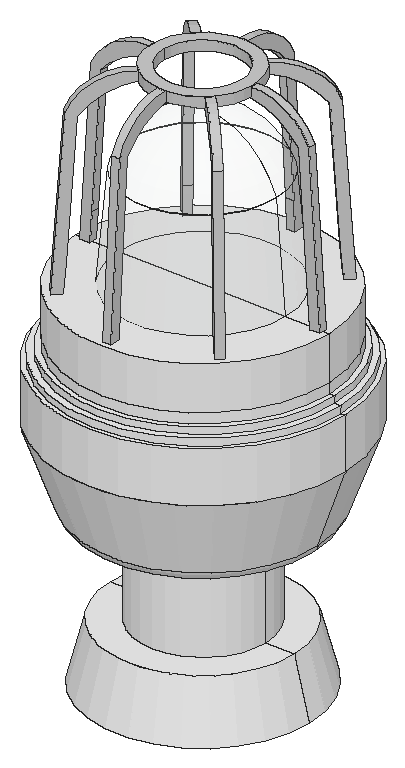
Revit family "HLEMLC", category Lighting Fixtures, host Face, Revit 2014
Parameters
  Wattage Comments = "45 Watts"  # constant formula
  Wattage = 112 W
  Watt = 45 W  # constant formula
  Warranty = "5 Year Warranty"
  built-in parameter 1150110 = 1 (stored number, unit not read)
  Voltage = 120 V
  URL = "https://www.hubbell.com/hubbellindustriallighting/en/"
  built-in parameter 1114217 = 1 (stored number, unit not read)
  Tilt Angle = -90.00°
  built-in parameter 1150109 = 1 (stored number, unit not read)
  built-in parameter 1150134 = 2
  built-in parameter 1150113 = 1 (stored number, unit not read)
  Product Page URL = "https://www.hubbell.com/hubbellindustriallighting/en/Products/Lighting-Controls/Harsh-Hazardous-Lighting/High-Bay---Low-Bay---Well-Glass/HLEML/p/248886"
  Product Documentation Link = "https://hubbellcdn.com/specsheet/hleml_specification_sheet.pdf"
  Power Factor = 1
  Photometric Web File = "Generic.ies"
  Model = "HLEMLC"  # constant formula
  Material Finish = Paint - Hubbell - White Texture
  Manufacturer = "Hubbell Industrial Lighting"  # constant formula
  built-in parameter 1150105 = 811.05 (stored number, unit not read)
  Lumens = 10192 lm
  built-in parameter 1150115 = 1 (stored number, unit not read)
  Load Classification = Lighting
  built-in parameter 1150137 = (empty or 0)
  built-in parameter 1150139 = (empty or 0)
  built-in parameter 1150112 = 1 (stored number, unit not read)
  built-in parameter 1150114 = 1 (stored number, unit not read)
  Lamp = "24 High Performanc LEDs"
  built-in parameter 1150132 = (empty or 0)
  built-in parameter 1150102 = (empty or 0)
  built-in parameter 1150107 = 5000 (stored number, unit not read)
  built-in parameter 1150138 = (empty or 0)
  built-in parameter 1150106 = 8.1105 (stored number, unit not read)
  Glass = Hubbell - Glass
  Features = "Class 1, Division 1 LED Explosion Proof\r\n\r\nSpecialized thermal management allows up to 55°C ambient\r\n120v to 277v universal voltage drivers\r\nOperating temperature range: -40°C to 55°C\r\n50,000 hours to 70% initial lumens\r\n5000˚K color temperature - crisp white light\r\nFactory sealed"  # constant formula
  Fastners = Paint - Hubbell - Light Silver
  Emit from Circle Diameter = 4.000"
  Emit Shape Visible in Rendering = no
  built-in parameter 1150104 = 8.4542 (stored number, unit not read)
  Dimming Lamp Color Temperature Shift = <None>
  Description = "The HLEML is designed to light classified areas such as paint manufacturing plants, ammunition facilities, oil and gas producing and refining plants, off-shore and dock side installations, tank farms, pipeline pumping stations and marine loading and fuel transfer terminals"  # constant formula
  Default Elevation = 48.000"
  Contact us = "https://www.hubbell.com/hubbellindustriallighting/en/contactUs?productId=248886"
  Color Filter = 16777215
  Certification = "CSA Listed to UL844\r\n• CSA Listed to UL1598 Wet Location\r\n• Wet Location listed up to 90 degrees\r\n• Damp location listed at greater than 90 degrees mounting angle\r\n• Class I, Division 2, Groups A, B, C & D\r\n• IP66 with factory installed ENCG option"  # constant formula
  CRI = "70 CRI"
  built-in parameter 1114218 = 1 (stored number, unit not read)
  built-in parameter 1150133 = 10 (stored number, unit not read)
  Applications = "Industrial, Food Processing, Heavy Industry, Marine, Petroleum, Chemical/Plastic, Cleanroom, Paper/Textile, Iron/Steel "  # constant formula
  Apparent Load = Watt / Power Factor  # 45 VA
Reference planes (in)
  plane 1 "Center (Front/Back)": y = 0
  plane 2: z = 0
  plane 3 "Center (Left/Right)": x = 0
  plane 4: y = 1
  plane 5: y = -1
  plane 6: x = -3.719
  plane 7: x = 3.719
  plane 8: z = 14.3125
Forms (in)
  Revolve 1, solid, material "Paint - Hubbell - White Texture" <- "Material Finish"
    sketch origin (0, 0, 0) x (1, 0, 0) y (0, 0, 1)
      loop
        line (0, 0) -> (2.75, 0) -> (2.36177, 1.44889) -> (1.61177, 1.44889) -> (1.61177, 3.41284)
        arc (1.61177, 3.41284) -> (1.65514, 3.54061) -> (1.76733, 3.61557) r 0.20988
        line (1.76733, 3.61557) -> (2.63794, 3.84885)
        arc (2.63794, 3.84885) -> (2.82994, 3.95419) -> (2.95162, 4.13628) r 0.4607
        line (2.95162, 4.13628) -> (3.6565, 6.07293) -> (3.6565, 7.3808) -> (3.54247, 7.3808) -> (3.54247, 7.55715) -> (3.37865, 7.55715) -> (3.37865, 7.7232) -> (3.24045, 7.7232) -> (3.24045, 7.9732) -> (3.24045, 9.0982) -> (0, 9.0982) -> (0, 0)
      axis (0, 9.0982) -> (0, 0)
    angle from 0 to 360
  Revolve 2, solid, material "Hubbell - Glass" <- "Glass"
    sketch origin (0, 0, 0) x (1, 0, 0) y (0, 0, 1)
      loop
        line (0, 9.0982) -> (2.13677, 9.0982) -> (1.90583, 11.73778)
        arc (1.90583, 11.73778) -> (1.16835, 12.74332) -> (0, 13.17917) r 2.17704
        line (0, 13.17917) -> (0, 9.0982)
      axis (0, 13.17917) -> (0, 9.0982)
    angle from 0 to 360
  Extrusion 3, solid, material "Paint - Hubbell - Light Silver" <- "Fastners"
    sketch origin (0, 0, 0) x (1, 0, 0) y (0, 0, 1)
      loop
        line (2.53798, 13.15527) -> (2.77122, 9.81983) -> (2.82168, 9.0982) -> (3.06986, 9.0982) -> (2.78782, 13.24148)
        arc (2.78782, 13.24148) -> (2.19127, 13.91886) -> (1.31585, 14.13877) r 1.52067
        line (1.31585, 14.13877) -> (1.31585, 13.8896)
        arc (1.31585, 13.8896) -> (1.99794, 13.64063) -> (2.53798, 13.15527) r 1.91175
    from 0.1 to -0.09746
  Extrusion 4, solid, material "Paint - Hubbell - Light Silver" <- "Fastners"
    sketch origin (0, 0, 0) x (0.707107, -0.707107, 0) y (0, 0, 1)
      loop
        line (2.53798, 13.15527) -> (2.77122, 9.81983) -> (2.82168, 9.0982) -> (3.06986, 9.0982) -> (2.78782, 13.24148)
        arc (2.78782, 13.24148) -> (2.19127, 13.91886) -> (1.31585, 14.13877) r 1.52067
        line (1.31585, 14.13877) -> (1.31585, 13.8896)
        arc (1.31585, 13.8896) -> (1.99794, 13.64063) -> (2.53798, 13.15527) r 1.91175
    from 0.1 to -0.09746
  Extrusion 5, solid, material "Paint - Hubbell - Light Silver" <- "Fastners"
    sketch origin (0, 0, 0) x (0, -1, 0) y (0, 0, 1)
      loop
        line (2.53798, 13.15527) -> (2.77122, 9.81983) -> (2.82168, 9.0982) -> (3.06986, 9.0982) -> (2.78782, 13.24148)
        arc (2.78782, 13.24148) -> (2.19127, 13.91886) -> (1.31585, 14.13877) r 1.52067
        line (1.31585, 14.13877) -> (1.31585, 13.8896)
        arc (1.31585, 13.8896) -> (1.99794, 13.64063) -> (2.53798, 13.15527) r 1.91175
    from 0.1 to -0.09746
  Extrusion 6, solid, material "Paint - Hubbell - Light Silver" <- "Fastners"
    sketch origin (0, 0, 0) x (-0.707107, -0.707107, 0) y (0, 0, 1)
      loop
        line (2.53798, 13.15527) -> (2.77122, 9.81983) -> (2.82168, 9.0982) -> (3.06986, 9.0982) -> (2.78782, 13.24148)
        arc (2.78782, 13.24148) -> (2.19127, 13.91886) -> (1.31585, 14.13877) r 1.52067
        line (1.31585, 14.13877) -> (1.31585, 13.8896)
        arc (1.31585, 13.8896) -> (1.99794, 13.64063) -> (2.53798, 13.15527) r 1.91175
    from 0.1 to -0.09746
  Extrusion 7, solid, material "Paint - Hubbell - Light Silver" <- "Fastners"
    sketch origin (0, 0, 0) x (-1, 0, 0) y (0, 0, 1)
      loop
        line (2.53798, 13.15527) -> (2.77122, 9.81983) -> (2.82168, 9.0982) -> (3.06986, 9.0982) -> (2.78782, 13.24148)
        arc (2.78782, 13.24148) -> (2.19127, 13.91886) -> (1.31585, 14.13877) r 1.52067
        line (1.31585, 14.13877) -> (1.31585, 13.8896)
        arc (1.31585, 13.8896) -> (1.99794, 13.64063) -> (2.53798, 13.15527) r 1.91175
    from 0.1 to -0.09746
  Extrusion 8, solid, material "Paint - Hubbell - Light Silver" <- "Fastners"
    sketch origin (0, 0, 0) x (-0.707107, 0.707107, 0) y (0, 0, 1)
      loop
        line (2.53798, 13.15527) -> (2.77122, 9.81983) -> (2.82168, 9.0982) -> (3.06986, 9.0982) -> (2.78782, 13.24148)
        arc (2.78782, 13.24148) -> (2.19127, 13.91886) -> (1.31585, 14.13877) r 1.52067
        line (1.31585, 14.13877) -> (1.31585, 13.8896)
        arc (1.31585, 13.8896) -> (1.99794, 13.64063) -> (2.53798, 13.15527) r 1.91175
    from 0.1 to -0.09746
  Extrusion 9, solid, material "Paint - Hubbell - Light Silver" <- "Fastners"
    sketch origin (0, 0, 0) x (0, 1, 0) y (0, 0, 1)
      loop
        line (2.53798, 13.15527) -> (2.77122, 9.81983) -> (2.82168, 9.0982) -> (3.06986, 9.0982) -> (2.78782, 13.24148)
        arc (2.78782, 13.24148) -> (2.19127, 13.91886) -> (1.31585, 14.13877) r 1.52067
        line (1.31585, 14.13877) -> (1.31585, 13.8896)
        arc (1.31585, 13.8896) -> (1.99794, 13.64063) -> (2.53798, 13.15527) r 1.91175
    from 0.1 to -0.09746
  Extrusion 10, solid, material "Paint - Hubbell - Light Silver" <- "Fastners"
    sketch origin (0, 0, 0) x (0.707107, 0.707107, 0) y (0, 0, 1)
      loop
        line (2.53798, 13.15527) -> (2.77122, 9.81983) -> (2.82168, 9.0982) -> (3.06986, 9.0982) -> (2.78782, 13.24148)
        arc (2.78782, 13.24148) -> (2.19127, 13.91886) -> (1.31585, 14.13877) r 1.52067
        line (1.31585, 14.13877) -> (1.31585, 13.8896)
        arc (1.31585, 13.8896) -> (1.99794, 13.64063) -> (2.53798, 13.15527) r 1.91175
    from 0.1 to -0.09746
  Extrusion 11, solid, material "Paint - Hubbell - Light Silver" <- "Fastners"
    sketch origin (0, 0, 0) x (1, 0, 0) y (0, 1, 0)
      loop
        circle (0, 0) r 1.31585
      loop
        circle (0, 0) r 1
    from 14.13877 to 13.8896
Dimensions and locks (in)
  equal spacing: plane 4, plane 1 "Center (Front/Back)", plane 5
  locked: plane 4 to plane 5 at 2
  plane 7 to plane 6 = 7.438"
  plane 8 to plane 2 = 14.3125"
  aligned and locked: plane 2 to host face
  aligned and locked: level to host face
  aligned and locked: plane 3 "Center (Left/Right)" to imposter light
  aligned and locked: imposter light to plane 1 "Center (Front/Back)"
Automatic sketch dimensions
  host sketch curve to host sketch curve = 96.000"  (x2)
  Revolve 2 sketch curve to plane 3 "Center (Left/Right)" = 0.000"  (x2)
  Revolve 2 sketch curve to plane 3 "Center (Left/Right)" = 0.14487"
  Revolve 2 sketch curve to plane 8 = 3.30554"
  Revolve 2 sketch curve to plane 7 = 1.81317"
  Revolve 2 sketch curve to plane 7 = 1.58223"
  Revolve 2 sketch curve to Revolve 2 sketch curve = 1.90876"
  Revolve 2 sketch curve to Revolve 2 sketch curve = 3.02527"
  Revolve 2 sketch curve to Revolve 2 sketch curve = 2.63958"
  plane 8 to Revolve 2 sketch curve = 3.750"
  Revolve 1 sketch curve to plane 3 "Center (Left/Right)" = 0.000"  (x2)
  Revolve 1 sketch curve to level = 0.000"
  plane 3 "Center (Left/Right)" to Revolve 1 sketch curve = 1.61177"
  Revolve 1 sketch curve to Revolve 1 sketch curve = 0.15556"
  Revolve 1 sketch curve to Revolve 1 sketch curve = 0.20988"
  Revolve 1 sketch curve to Revolve 1 sketch curve = 0.750"
  Revolve 1 sketch curve to Revolve 1 sketch curve = 0.75137"
  Revolve 1 sketch curve to Revolve 1 sketch curve = 0.11924"
  Revolve 1 sketch curve to plane 7 = 0.969"
  Revolve 1 sketch curve to Revolve 1 sketch curve = 0.31368"
  Revolve 1 sketch curve to plane 7 = 0.47855"
  Revolve 1 sketch curve to Revolve 1 sketch curve = 0.1382"
  Revolve 1 sketch curve to Revolve 1 sketch curve = 0.16383"
  level to Revolve 1 sketch curve = 1.44889"
  Revolve 1 sketch curve to Revolve 1 sketch curve = 1.96395"
  Revolve 1 sketch curve to Revolve 1 sketch curve = 0.23328"
  Revolve 1 sketch curve to Revolve 1 sketch curve = 0.28743"
  Revolve 1 sketch curve to Revolve 1 sketch curve = 1.93665"
  Revolve 1 sketch curve to Revolve 1 sketch curve = 1.48422"
  Revolve 1 sketch curve to Revolve 1 sketch curve = 0.16605"
  Revolve 1 sketch curve to Revolve 1 sketch curve = 0.250"
  Revolve 1 sketch curve to Revolve 1 sketch curve = 1.125"
  Revolve 1 sketch curve to plane 7 = 0.0625"
  Revolve 1 sketch curve to level = 10.062"
  Revolve 1 sketch curve to Revolve 1 sketch curve = 0.17635"
  plane 8 to Revolve 1 sketch curve = 15.000"
  Extrusion 3 sketch curve to Extrusion 3 sketch curve = 0.38644"
  Extrusion 3 sketch curve to Extrusion 3 sketch curve = 0.05046"
  Extrusion 3 sketch curve to Extrusion 3 sketch curve = 0.24818"
  Extrusion 3 sketch curve to Extrusion 3 sketch curve = 0.61848"
  Extrusion 3 sketch curve to Extrusion 3 sketch curve = 0.72163"
  Extrusion 3 sketch curve to Extrusion 3 sketch curve = 0.24983"
  Extrusion 3 sketch curve to Extrusion 3 sketch curve = 0.24918"
  Extrusion 3 sketch curve to Extrusion 3 sketch curve = 2.1821"
  Extrusion 3 sketch curve to Extrusion 3 sketch curve = 0.0839"
  Extrusion 3 sketch curve to Extrusion 3 sketch curve = 1.13824"
  Extrusion 3 sketch curve to Extrusion 3 sketch curve = 1.75791"
  Extrusion 3 sketch curve to Extrusion 3 sketch curve = 0.53485"
  Extrusion 4 sketch curve to Extrusion 4 sketch curve = 0.38644"
  Extrusion 4 sketch curve to Extrusion 4 sketch curve = 0.05046"
  Extrusion 4 sketch curve to Extrusion 4 sketch curve = 0.24818"
  Extrusion 4 sketch curve to Extrusion 4 sketch curve = 0.61848"
  Extrusion 4 sketch curve to Extrusion 4 sketch curve = 0.72163"
  Extrusion 4 sketch curve to Extrusion 4 sketch curve = 0.24983"
  Extrusion 4 sketch curve to Extrusion 4 sketch curve = 0.24918"
  Extrusion 4 sketch curve to Extrusion 4 sketch curve = 2.1821"
  Extrusion 4 sketch curve to Extrusion 4 sketch curve = 0.0839"
  Extrusion 4 sketch curve to Extrusion 4 sketch curve = 1.13824"
  Extrusion 4 sketch curve to Extrusion 4 sketch curve = 1.75791"
  Extrusion 4 sketch curve to Extrusion 4 sketch curve = 0.53485"
  Extrusion 5 sketch curve to Extrusion 5 sketch curve = 0.38644"
  Extrusion 5 sketch curve to Extrusion 5 sketch curve = 0.05046"
  Extrusion 5 sketch curve to Extrusion 5 sketch curve = 0.24818"
  Extrusion 5 sketch curve to Extrusion 5 sketch curve = 0.61848"
  Extrusion 5 sketch curve to Extrusion 5 sketch curve = 0.72163"
  Extrusion 5 sketch curve to Extrusion 5 sketch curve = 0.24983"
  Extrusion 5 sketch curve to Extrusion 5 sketch curve = 0.24918"
  Extrusion 5 sketch curve to Extrusion 5 sketch curve = 2.1821"
  Extrusion 5 sketch curve to Extrusion 5 sketch curve = 0.0839"
  Extrusion 5 sketch curve to Extrusion 5 sketch curve = 1.13824"
  Extrusion 5 sketch curve to Extrusion 5 sketch curve = 1.75791"
  Extrusion 5 sketch curve to Extrusion 5 sketch curve = 0.53485"
  Extrusion 6 sketch curve to Extrusion 6 sketch curve = 0.38644"
  Extrusion 6 sketch curve to Extrusion 6 sketch curve = 0.05046"
  Extrusion 6 sketch curve to Extrusion 6 sketch curve = 0.24818"
  Extrusion 6 sketch curve to Extrusion 6 sketch curve = 0.61848"
  Extrusion 6 sketch curve to Extrusion 6 sketch curve = 0.72163"
  Extrusion 6 sketch curve to Extrusion 6 sketch curve = 0.24983"
  Extrusion 6 sketch curve to Extrusion 6 sketch curve = 0.24918"
  Extrusion 6 sketch curve to Extrusion 6 sketch curve = 2.1821"
  Extrusion 6 sketch curve to Extrusion 6 sketch curve = 0.0839"
  Extrusion 6 sketch curve to Extrusion 6 sketch curve = 1.13824"
  Extrusion 6 sketch curve to Extrusion 6 sketch curve = 1.75791"
  Extrusion 6 sketch curve to Extrusion 6 sketch curve = 0.53485"
  Extrusion 7 sketch curve to Extrusion 7 sketch curve = 0.38644"
  Extrusion 7 sketch curve to Extrusion 7 sketch curve = 0.05046"
  Extrusion 7 sketch curve to Extrusion 7 sketch curve = 0.24818"
  Extrusion 7 sketch curve to Extrusion 7 sketch curve = 0.61848"
  Extrusion 7 sketch curve to Extrusion 7 sketch curve = 0.72163"
  Extrusion 7 sketch curve to Extrusion 7 sketch curve = 0.24983"
  Extrusion 7 sketch curve to Extrusion 7 sketch curve = 0.24918"
  Extrusion 7 sketch curve to Extrusion 7 sketch curve = 2.1821"
  Extrusion 7 sketch curve to Extrusion 7 sketch curve = 0.0839"
  Extrusion 7 sketch curve to Extrusion 7 sketch curve = 1.13824"
  Extrusion 7 sketch curve to Extrusion 7 sketch curve = 1.75791"
  Extrusion 7 sketch curve to Extrusion 7 sketch curve = 0.53485"
  Extrusion 8 sketch curve to Extrusion 8 sketch curve = 0.38644"
  Extrusion 8 sketch curve to Extrusion 8 sketch curve = 0.05046"
  Extrusion 8 sketch curve to Extrusion 8 sketch curve = 0.24818"
  Extrusion 8 sketch curve to Extrusion 8 sketch curve = 0.61848"
  Extrusion 8 sketch curve to Extrusion 8 sketch curve = 0.72163"
  Extrusion 8 sketch curve to Extrusion 8 sketch curve = 0.24983"
  Extrusion 8 sketch curve to Extrusion 8 sketch curve = 0.24918"
  Extrusion 8 sketch curve to Extrusion 8 sketch curve = 2.1821"
  Extrusion 8 sketch curve to Extrusion 8 sketch curve = 0.0839"
  Extrusion 8 sketch curve to Extrusion 8 sketch curve = 1.13824"
  Extrusion 8 sketch curve to Extrusion 8 sketch curve = 1.75791"
  Extrusion 8 sketch curve to Extrusion 8 sketch curve = 0.53485"
  Extrusion 9 sketch curve to Extrusion 9 sketch curve = 0.38644"
  Extrusion 9 sketch curve to Extrusion 9 sketch curve = 0.05046"
  Extrusion 9 sketch curve to Extrusion 9 sketch curve = 0.24818"
  Extrusion 9 sketch curve to Extrusion 9 sketch curve = 0.61848"
  Extrusion 9 sketch curve to Extrusion 9 sketch curve = 0.72163"
  Extrusion 9 sketch curve to Extrusion 9 sketch curve = 0.24983"
  Extrusion 9 sketch curve to Extrusion 9 sketch curve = 0.24918"
  Extrusion 9 sketch curve to Extrusion 9 sketch curve = 2.1821"
  Extrusion 9 sketch curve to Extrusion 9 sketch curve = 0.0839"
  Extrusion 9 sketch curve to Extrusion 9 sketch curve = 1.13824"
  Extrusion 9 sketch curve to Extrusion 9 sketch curve = 1.75791"
  Extrusion 9 sketch curve to Extrusion 9 sketch curve = 0.53485"
  Extrusion 10 sketch curve to Extrusion 10 sketch curve = 0.38644"
  Extrusion 10 sketch curve to Extrusion 10 sketch curve = 0.05046"
  Extrusion 10 sketch curve to Extrusion 10 sketch curve = 0.24818"
  Extrusion 10 sketch curve to Extrusion 10 sketch curve = 0.61848"
  Extrusion 10 sketch curve to Extrusion 10 sketch curve = 0.72163"
  Extrusion 10 sketch curve to Extrusion 10 sketch curve = 0.24983"
  Extrusion 10 sketch curve to Extrusion 10 sketch curve = 0.24918"
  Extrusion 10 sketch curve to Extrusion 10 sketch curve = 2.1821"
  Extrusion 10 sketch curve to Extrusion 10 sketch curve = 0.0839"
  Extrusion 10 sketch curve to Extrusion 10 sketch curve = 1.13824"
  Extrusion 10 sketch curve to Extrusion 10 sketch curve = 1.75791"
  Extrusion 10 sketch curve to Extrusion 10 sketch curve = 0.53485"
  Extrusion 11 sketch curve to Extrusion 11 sketch curve = 0.000"  (x2)
  plane 1 "Center (Front/Back)" to Extrusion 11 sketch curve = 0.000"
  Extrusion 11 sketch curve to plane 3 "Center (Left/Right)" = 0.000"
  radius of Extrusion 11 sketch curve = 1.31585"
  radius of Extrusion 11 sketch curve = 1.000"
Connectors (in)
  electrical at (0, 0, 0)
    settings: on Revolve 1, index 1, voltage 120 V, apparent load 0 VA, apparent load phase1 0 VA, apparent load phase2 0 VA, apparent load phase3 0 VA, power factor 0.9, load classification "Other", number of poles 1, system type 30, power factor state 1, is connector primary yes, connector utility no, sub classification motor no, connector description "Lighting Connector"
